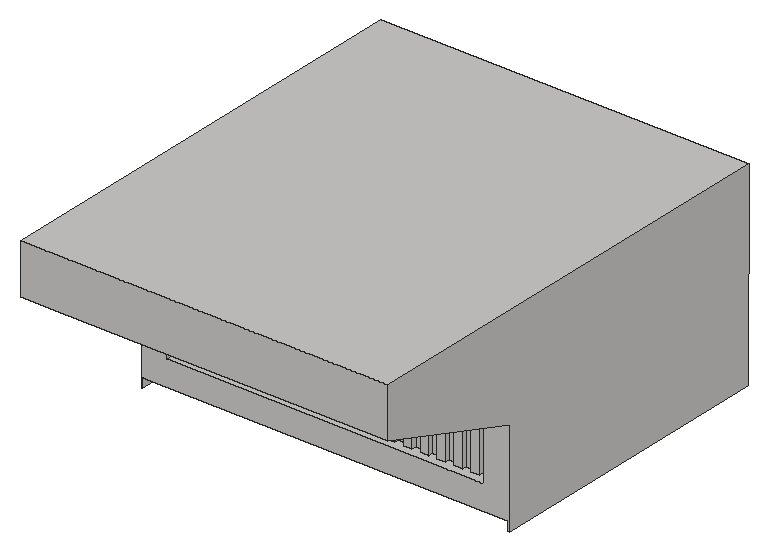
Revit family "QF_ZANUSSI_922725_HOCO2011", category Specialty Equipment, Revit 2021
Family settings
  Round Connector Dimension = Use Diameter
  Part Type = Normal
  Work Plane-Based = No
  Always vertical = Yes
  Cut with Voids When Loaded = No
  Shared = No
  Room Calculation Point = No
Parameters
  Weight = 78.00 kg
  Watts = 0 W
  Volts = 220 V
  URL Manufacturer = "http://www.zanussiprofessional.com"
  URL = "http://www.zanussiprofessional.com"
  Steam Supply Size = 0 mm
  Steam Supply Minimum Pressure = 0.0 Pa
  Steam Supply Maximum Pressure = 0.0 Pa
  Steam Pounds per Hour = 0
  Show Logo [instance] = yes
  Show Clearance [instance] = yes
  Refrigeration Suction Line Size = 0 mm
  Refrigeration Liquid Line Size = 0 mm
  Refrigerant Compressor Remote = yes
  Manufacturer = "Zanussi"
  Phase = 1
  Model = "HOCV11E"
  Length Actual = 917 mm
  Item Number = "922725"
  Hot Water Size = 0 mm
  Height Actual = 472 mm
  HP = "0.5 HP"
  Gas Size = 0 mm
  Gas KW = 0
  Gas Input Pressure = 0 W
  Direct Waste Size = 20 mm
  Description = "CONDENSATION HOOD WITH FAN FOR 20 GN 1/1 ELECTRIC OVEN"
  Depth Actual = 1085 mm
  Default Elevation = 0 mm
  Cycle = 50 Hz
  Condensate Return Size = 0 mm
  Compressed Air Volume = 0.0 L/s
  Compressed Air Size = 0 mm
  Compressed Air Pressure = 0.0 Pa
  Cold Water Size = 0 mm
  Accessory = no
Reference planes
  plane 1 "Center X": y = 92.351
  plane 2: z = 0
  plane 3 "Center Y": x = -326.5
  plane 4 "LEFT": x = -760
  plane 5 "BACK": y = 479.851
  plane 6 "RIGHT": x = 107
  plane 7 "FRONT": y = -295.149
  plane 8 "TOP": z = 1728
  plane 9: y = -590.149
  plane 10: x = -764
  plane 11: x = 111
  plane 12: z = 2178
Forms (mm)
  Extrusion 1, solid, material "QF_Clearance", visible <- "Show Clearance", detail levels coarse
    sketch origin (0, 0, 0) x (1, 0, 0) y (0, 1, 0)
      loop
        line (-764, 479.851) -> (111, 479.851) -> (111, 629.851) -> (-764, 629.851) -> (-764, 479.851)
    from 1707 to 2178
  Extrusion 2, solid, material "QF_Clearance", visible <- "Show Clearance", detail levels coarse
    sketch origin (-1150.39, -1524, 2178) x (-1, 0, 0) y (0, -1, 0)
      loop
        line (-386.39, -933.851) -> (-1261.39, -933.851) -> (-1261.39, -2153.851) -> (-386.39, -2153.851) -> (-386.39, -933.851)
    from 450 to 0
  Extrusion 3, solid, material "QF_Finishes_Stainless Steel"
    sketch origin (-764, 902.856, 4000) x (0, 1, 0) y (0, 0, 1)
      loop
        line (-423.005, -2272) -> (-423.005, -1822) -> (-1493.005, -1822) -> (-1493.005, -1942.064) -> (-1133.005, -2066.021) -> (-1133.005, -2272) -> (-423.005, -2272)
    from 60 to 0
  Extrusion 4, solid, material "QF_Finishes_Stainless Steel"
    sketch origin (111, 902.856, 4000) x (0, 1, 0) y (0, 0, 1)
      loop
        line (-423.005, -2272) -> (-423.005, -1822) -> (-1493.005, -1822) -> (-1493.005, -1942.064) -> (-1133.005, -2066.021) -> (-1133.005, -2272) -> (-423.005, -2272)
    from -60 to 0
  Extrusion 5, solid, material "QF_Finishes_Stainless Steel"
    sketch origin (-326.5, 0, 0) x (0, 1, 0) y (0, 0, 1)
      loop
        line (479.851, 1728) -> (479.851, 2178) -> (-590.149, 2178) -> (-590.149, 2057.936) -> (-210.149, 2057.936) -> (-210.149, 1788) -> (-230.149, 1788) -> (-230.149, 1728) -> (479.851, 1728)
    from -377.5 to 377.5
  Extrusion 6, solid, material "QF_Finishes_Stainless Steel"
    sketch origin (0, -295.149, 0) x (-1, 0, 0) y (0, 0, 1)
      loop
        line (764, 1728) -> (760, 1728) -> (760, 1707) -> (764, 1707) -> (764, 1728)
      loop
        line (-107, 1728) -> (-111, 1728) -> (-111, 1707) -> (-107, 1707) -> (-107, 1728)
    from 65 to 775
  Extrusion 7, solid, material "QF_Finishes_Stainless Steel"
    sketch origin (0, 479.851, 0) x (-1, 0, 0) y (0, 0, 1)
      loop
        circle (-86, 2113) r 8
      loop
        circle (326.5, 1746) r 7
    from 0 to 20
  Extrusion 8, void
    sketch origin (0, 0, 0) x (1, 0, 0) y (0, 1, 0)
      loop
        line (-696.5, -200.149) -> (-696.5, -210.149) -> (-676.5, -210.149) -> (-676.5, -200.149) -> (-696.5, -200.149)
      loop
        line (-656.5, -200.149) -> (-656.5, -210.149) -> (-636.5, -210.149) -> (-636.5, -200.149) -> (-656.5, -200.149)
      loop
        line (-616.5, -200.149) -> (-616.5, -210.149) -> (-596.5, -210.149) -> (-596.5, -200.149) -> (-616.5, -200.149)
      loop
        line (-576.5, -200.149) -> (-576.5, -210.149) -> (-556.5, -210.149) -> (-556.5, -200.149) -> (-576.5, -200.149)
      loop
        line (-536.5, -200.149) -> (-536.5, -210.149) -> (-516.5, -210.149) -> (-516.5, -200.149) -> (-536.5, -200.149)
      loop
        line (-496.5, -200.149) -> (-496.5, -210.149) -> (-476.5, -210.149) -> (-476.5, -200.149) -> (-496.5, -200.149)
      loop
        line (-456.5, -200.149) -> (-456.5, -210.149) -> (-436.5, -210.149) -> (-436.5, -200.149) -> (-456.5, -200.149)
      loop
        line (-416.5, -200.149) -> (-416.5, -210.149) -> (-396.5, -210.149) -> (-396.5, -200.149) -> (-416.5, -200.149)
      loop
        line (-376.5, -200.149) -> (-376.5, -210.149) -> (-356.5, -210.149) -> (-356.5, -200.149) -> (-376.5, -200.149)
      loop
        line (-336.5, -200.149) -> (-336.5, -210.149) -> (-316.5, -210.149) -> (-316.5, -200.149) -> (-336.5, -200.149)
      loop
        line (-296.5, -200.149) -> (-296.5, -210.149) -> (-276.5, -210.149) -> (-276.5, -200.149) -> (-296.5, -200.149)
      loop
        line (-256.5, -200.149) -> (-256.5, -210.149) -> (-236.5, -210.149) -> (-236.5, -200.149) -> (-256.5, -200.149)
      loop
        line (-216.5, -200.149) -> (-216.5, -210.149) -> (-196.5, -210.149) -> (-196.5, -200.149) -> (-216.5, -200.149)
      loop
        line (-176.5, -200.149) -> (-176.5, -210.149) -> (-156.5, -210.149) -> (-156.5, -200.149) -> (-176.5, -200.149)
      loop
        line (-136.5, -200.149) -> (-136.5, -210.149) -> (-116.5, -210.149) -> (-116.5, -200.149) -> (-136.5, -200.149)
      loop
        line (-96.5, -200.149) -> (-96.5, -210.149) -> (-76.5, -210.149) -> (-76.5, -200.149) -> (-96.5, -200.149)
      loop
        line (-56.5, -200.149) -> (-56.5, -210.149) -> (-36.5, -210.149) -> (-36.5, -200.149) -> (-56.5, -200.149)
      loop
        line (-16.5, -200.149) -> (-16.5, -210.149) -> (3.5, -210.149) -> (3.5, -200.149) -> (-16.5, -200.149)
      loop
        line (23.5, -200.149) -> (23.5, -210.149) -> (43.5, -210.149) -> (43.5, -200.149) -> (23.5, -200.149)
    from 1788 to 2057.936
Cuts and joins
  joined: Extrusion 1, Extrusion 2
  Extrusion 8 cuts Extrusion 3
  Extrusion 8 cuts Extrusion 4
  Extrusion 8 cuts Extrusion 5
  Extrusion 8 cuts Extrusion 6
  Extrusion 8 cuts Extrusion 7
  joined: Extrusion 3, Extrusion 4, Extrusion 5, Extrusion 6, Extrusion 7
Lines and regions (mm)
  symbolic lines, style "QF_Clearances", visible <- "Show Clearance"
    curve 1: line (111, 629.851, 0) -> (-764, 629.851, 0)
  symbolic lines, style "Linee tratto punto"
    curve 2: line (-764, 479.851, 0) -> (111, 479.851, 0)
    curve 3: line (-764, -590.149, 0) -> (-764, 479.851, 0)
    curve 4: line (111, -590.149, 0) -> (-764, -590.149, 0)
    curve 5: line (111, 479.851, 0) -> (111, -590.149, 0)
    curve 16: line (-764, -590.149, 0) -> (111, 479.851, 0)
    curve 17: line (-764, 479.851, 0) -> (111, -590.149, 0)
  symbolic lines
    curve 6: line (-333.5, 499.851, 0) -> (-319.5, 499.851, 0)
    curve 7: line (-319.5, 499.851, 0) -> (-319.5, 479.851, 0)
    curve 8: line (-333.5, 499.851, 0) -> (-333.5, 479.851, 0)
    curve 9: line (94, 499.851, 0) -> (94, 479.851, 0)
    curve 10: line (94, 499.851, 0) -> (78, 499.851, 0)
    curve 11: line (78, 499.851, 0) -> (78, 479.851, 0)
  symbolic lines, style "SpecialityEquipmentHiddenLines"
    curve 12: line (-334, 338.851, 0) -> (-34, 338.851, 0)
    curve 13: line (-334, 38.851, 0) -> (-334, 338.851, 0)
    curve 14: line (-34, 38.851, 0) -> (-334, 38.851, 0)
    curve 15: line (-34, 338.851, 0) -> (-34, 38.851, 0)
Dimensions and locks
  equal spacing: plane 4 "LEFT", plane 3 "Center Y", plane 6 "RIGHT"
  plane 10 to plane 11 = 875 mm
  plane 5 "BACK" to plane 9 = 1070 mm
  equal spacing: plane 5 "BACK", plane 1 "Center X", plane 7 "FRONT"
  locked: plane 10 to plane 4 "LEFT" at 4
  locked: plane 6 "RIGHT" to plane 11 at 4
  cut or joined group of Extrusion 3, Extrusion 4, Extrusion 5, Extrusion 6, Extrusion 7, Extrusion 8 to Extrusion 7 sketch curve = 39 mm
  Extrusion 7 sketch curve to plane 12 = 65 mm
  plane 11 to Extrusion 7 sketch curve = 25 mm
  aligned and locked: level to plane 2
Automatic sketch dimensions
  Extrusion 1 sketch curve to plane 10 = 0 mm
  Extrusion 1 sketch curve to plane 11 = 0 mm
  Extrusion 1 sketch curve to plane 5 "BACK" = 0 mm
  plane 5 "BACK" to Extrusion 1 sketch curve = 150 mm
  Extrusion 2 sketch curve to plane 9 = 0 mm
  Extrusion 2 sketch curve to plane 11 = 0 mm
  Extrusion 2 sketch curve to plane 10 = 0 mm
  plane 5 "BACK" to Extrusion 2 sketch curve = 150 mm
  Extrusion 5 sketch curve to plane 9 = 0 mm
  Extrusion 5 sketch curve to plane 8 "TOP" = 0 mm
  Extrusion 5 sketch curve to plane 5 "BACK" = 0 mm
  Extrusion 5 sketch curve to plane 12 = 0 mm
  plane 7 "FRONT" to Extrusion 5 sketch curve = 65 mm
  plane 7 "FRONT" to Extrusion 5 sketch curve = 85 mm
  plane 8 "TOP" to Extrusion 5 sketch curve = 60 mm
  Extrusion 5 sketch curve to plane 12 = 120.064 mm
  Extrusion 6 sketch curve to plane 8 "TOP" = 0 mm  (x2)
  Extrusion 6 sketch curve to plane 11 = 0 mm
  Extrusion 6 sketch curve to plane 6 "RIGHT" = 0 mm
  Extrusion 6 sketch curve to plane 4 "LEFT" = 0 mm
  Extrusion 6 sketch curve to plane 10 = 0 mm
  Extrusion 6 sketch curve to plane 8 "TOP" = 21 mm
  Extrusion 6 sketch curve to Extrusion 6 sketch curve = 21 mm
  Extrusion 7 sketch curve to plane 3 "Center Y" = 0 mm
  curve 1 to plane 10 = 0 mm
  curve 4 to plane 10 = 0 mm
  curve 1 to plane 11 = 0 mm
  curve 16 to plane 5 "BACK" = 0 mm
  curve 16 to plane 11 = 0 mm
  curve 5 to plane 9 = 0 mm
  curve 8 to plane 3 "Center Y" = 7 mm
  plane 3 "Center Y" to curve 6 = 7 mm
  curve 12 to plane 3 "Center Y" = 7.5 mm
  curve 15 to plane 6 "RIGHT" = 141 mm
  curve 11 to plane 6 "RIGHT" = 29 mm
  curve 9 to plane 6 "RIGHT" = 13 mm
  plane 1 "Center X" to curve 14 = 53.5 mm
  curve 12 to plane 5 "BACK" = 141 mm
  curve 9 to curve 10 = 20 mm
  plane 5 "BACK" to curve 8 = 20 mm
  curve 9 to curve 1 = 130 mm
  Extrusion 4 sketch curve to plane 9 = 0 mm
  Extrusion 4 sketch curve to plane 8 "TOP" = 0 mm
  Extrusion 4 sketch curve to plane 5 "BACK" = 0 mm
  Extrusion 4 sketch curve to plane 12 = 0 mm
  plane 7 "FRONT" to Extrusion 4 sketch curve = 65 mm
  plane 8 "TOP" to Extrusion 4 sketch curve = 205.979 mm
  Extrusion 4 sketch curve to Extrusion 4 sketch curve = 120.064 mm
  Extrusion 3 sketch curve to plane 9 = 0 mm
  Extrusion 3 sketch curve to plane 8 "TOP" = 0 mm
  Extrusion 3 sketch curve to plane 5 "BACK" = 0 mm
  Extrusion 3 sketch curve to plane 12 = 0 mm
  plane 7 "FRONT" to Extrusion 3 sketch curve = 65 mm
  plane 8 "TOP" to Extrusion 3 sketch curve = 205.979 mm
  Extrusion 3 sketch curve to Extrusion 3 sketch curve = 120.064 mm
  plane 4 "LEFT" to Extrusion 8 sketch curve = 63.5 mm
  Extrusion 8 sketch curve to Extrusion 8 sketch curve = 20 mm  (x35)
  Extrusion 8 sketch curve to plane 3 "Center Y" = 30 mm
  Extrusion 8 sketch curve to plane 3 "Center Y" = 10 mm
  plane 7 "FRONT" to Extrusion 8 sketch curve = 85 mm  (x2)
  Extrusion 8 sketch curve to Extrusion 8 sketch curve = 0 mm  (x17)
  Extrusion 8 sketch curve to Extrusion 8 sketch curve = 10 mm  (x19)
  radius of Extrusion 7 sketch curve = 8 mm
  radius of Extrusion 7 sketch curve = 7 mm
Connectors
  electrical at (86, 499.851, 2113)
    settings: on cut or joined group of Extrusion 3, Extrusion 4, Extrusion 5, Extrusion 6, Extrusion 7, Extrusion 8, index 1, voltage 0 V, apparent load 0 VA, apparent load phase1 0 VA, apparent load phase2 0 VA, apparent load phase3 0 VA, power factor 1, load classification "Altro", number of poles 1, system type 30, power factor state 1, is connector primary yes, connector utility no, sub classification motor no, connector description "Electrical Connection"
  piping at (-326.5, 499.851, 1746), diameter 14
    settings: on cut or joined group of Extrusion 3, Extrusion 4, Extrusion 5, Extrusion 6, Extrusion 7, Extrusion 8, index 2, connector inside diameter 609.6 mm, connector length 0 mm, flow factor 0, pipe flow 0.0 L/s, pressure drop 0.0 Pa, fitting loss kfactor 0, connector angle 0.00°, fixture units 0, engagement length 0 mm, angle of deflection 0.00°, flow configuration 1, flow direction 2, fitting loss method 0, system type 16, joint type 0, gender type 0, connector reference index -1, connector utility 0, adjustable connector no, is connector primary yes, connector description "Drain"
